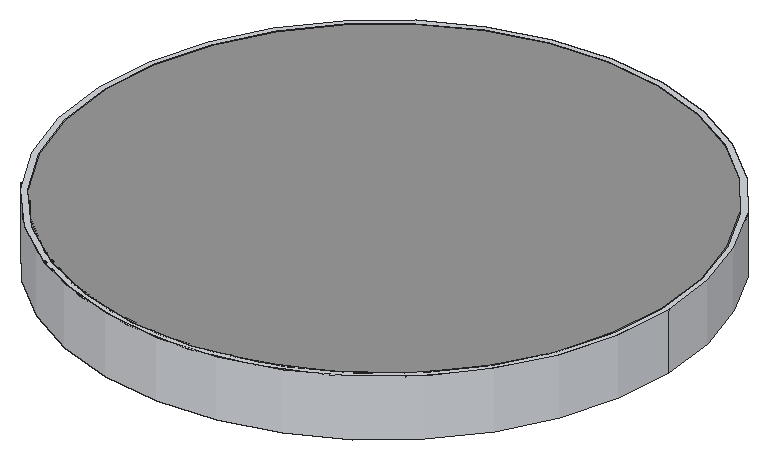
Revit family "2071206", category Lighting Fixtures, host Face, Revit 2018
Family settings
  Host = Face
  Round Connector Dimension = Use Diameter
  Part Type = Normal
  OmniClass Number = 23.80.70.00
  OmniClass Title = Lighting
  Cut with Voids When Loaded = No
  Light Source = Yes
  Shared = No
  Room Calculation Point = No
Parameters (values of type "2071206 COLOSSAL 600 830 PR DIR+H WHT DALI EM")
  iner diameter = 588 mm
  Weight = "n/a"
  Wattage Comments = ""
  Wattage = 30 W
  WarrantyStartDate [instance] = "n/a"
  WarrantyGuarantorParts = "n/a"
  WarrantyDurationUnit = "n/a"
  WarrantyDurationParts = ""
  WarrantyDescription = "http://www.sylvania-lighting.com"
  built-in parameter 1150110 = 1 (stored number, unit not read)
  Voltage = 230 V
  URL = "0.99"
  TypeName = "COLOSSAL 600mm 830 PRISM DIR+HAL WHITE DALI EM"
  Type Image = <None>
  Type Comments = "n/a"
  built-in parameter 1114217 = 1 (stored number, unit not read)
  Tilt Angle = -90.00°
  built-in parameter 1150109 = 1 (stored number, unit not read)
  built-in parameter 1150134 = (empty or 0)
  built-in parameter 1150113 = 1 (stored number, unit not read)
  SerialNumber [instance] = "n/a"
  Photometric Web File = "2071206.ies"
  Material_3_SYL = LED-Sylvania
  PowerFactor = 0
  PowerConsumption = "Lighting"
  NominalLength = 600 mm
  NominalHeight = 93 mm
  NominalDepth = 600 mm
  Name = "COLOSSAL 600mm 830 PRISM DIR+HAL WHITE DALI EM"
  ModelReference = Name  # "COLOSSAL 600mm 830 PRISM DIR+HAL WHITE DALI EM"
  ModelNumber = "2071206"
  Model = Name  # "COLOSSAL 600mm 830 PRISM DIR+HAL WHITE DALI EM"
  Material = "Feilo Sylvania"
  ManufacturerName = "121 lm/W"
  Manufacturer = ""
  LuminousEfficacy = ""
  built-in parameter 1150105 = 270.44 (stored number, unit not read)
  Lumens = 3398.4 lm
  LuminaireType = "0"
  built-in parameter 1150115 = 1 (stored number, unit not read)
  LightOutputRatio = "LED"
  built-in parameter 1150137 = (empty or 0)
  built-in parameter 1150139 = (empty or 0)
  LampsType = Lamp  # "n/a"
  LampNominalLuminous = "3000 K"
  LampMacAdamStep = "80"
  LampColourTemperature = "LED"
  LampColourRenderingIndex = "16500"
  built-in parameter 1150112 = 1 (stored number, unit not read)
  built-in parameter 1150114 = 1 (stored number, unit not read)
  Lamp = "n/a"
  Keynote = "n/a"
  InstallationDate [instance] = "n/a"
  InputVoltage = "0"
  InputNominalFrequency = "3000"
  built-in parameter 1150132 = (empty or 0)
  built-in parameter 1150102 = (empty or 0)
  built-in parameter 1150107 = 3000 (stored number, unit not read)
  built-in parameter 1150138 = (empty or 0)
  IngressProtection = "IfcLightFixtureType"
  ImpactProtectionIndex = "IfcLightFixtureType"
  built-in parameter 1150106 = 2.7044 (stored number, unit not read)
  IfcExportType = "IfcLightFixtureType"
  IfcExportAs = "Class I"
  Emit from Circle Diameter = 385 mm
  Emit Shape Visible in Rendering = no
  ElectricShockClassification = "121"
  built-in parameter 1150104 = 10.524 (stored number, unit not read)
  DocumentationLiterature = "http://www.sylvania-lighting.com/product/en-int/products/2071206"
  DimmingControlOptions = "n/a"
  Material_2_SYL = Polycarbonate_Sylvania_White
  Dimming Lamp Color Temperature Shift = <None>
  Description = "600mm diameter circular architectural luminaire, can be surface mounted or suspended. Powder coated aluminium housing (RAL9016) with PMMA prismatic diffuser. Direct/indirect (halo) light distribution, 3900lm luminuous flux, 32.1W system power, 121lm/W luminiaire efficacy. DALI dimmable. 3 hours integrated emergency. Colour rendering index Ra >80, 3000K Warm White LED, chromaticity tolerance of 3-step MacAdam ellipse. IP40, IK03. 350mA drive current. UGR≤19. Electrical protection Class1, 220-240V. Reported lifetime 66k hours L90B10."
  Default Elevation = 1219.2 mm
  CreatedOn = "23/03/2022"
  CreatedBy = "@sylvania-lighting.com"
  Cost = 0
  Color Filter = 16777215
  built-in parameter 1114216 [instance] = (empty or 0)
  ClassificationValue = "EF_70_80"
  ClassificationName = "Uniclass2015"
  Material_1_SYL = Polycarbonate_Sylvania_Opal
  BarCode [instance] = "n/a"
  built-in parameter 1114218 = 1 (stored number, unit not read)
  built-in parameter 1150133 = 10 (stored number, unit not read)
  AssetType = "Fixed"
  AssetIdentifier [instance] = "n/a"
  Assembly Code = "D5020200"
  Apparent Load = 32.1 VA
  Material_4_SYL = none
Reference planes
  plane 1 "Center (Front/Back)": y = 0
  plane 2: z = 0
  plane 3 "Center (Left/Right)": x = 0
  plane 4: x = -300
  plane 5: x = 300
  plane 6: y = 300
  plane 7: y = -300
  plane 8: y = 212
  plane 9: y = -212
  plane 10: z = 93
  plane 11: y = 294
  plane 12: y = -294
  plane 13: through (0, 0, 1219.2) normal (0.5, -0.866, 0)
  plane 14: through (-134.29, 20.617, 1219.2) normal (0.5, -0.866, 0)
  plane 15: through (-144.685, -181.683, 1219.2) normal (-0.5, 0.866, 0)
  plane 16: through (0, 0, 1219.2) normal (0.5, 0.866, 0)
  plane 17: through (178.555, -4.939, 1219.2) normal (0.5, 0.866, 0)
  plane 18: through (87.581, -148.715, 1219.2) normal (0.5, 0.866, 0)
  plane 19: y = 272
  plane 20: through (105.168, 227.067, 1219.2) normal (0.866, 0.5, 0)
  plane 21: through (-104.171, 225.672, 1219.2) normal (0.8572, -0.515, 0)
  plane 22: y = -204.612
  plane 23: through (-296.643, -30.2, 1219.2) normal (0.866, 0.5, 0)
  plane 24: through (153.092, -278.837, 1219.2) normal (-0.866, 0.5, 0)
Forms (mm)
  Extrusion 1, solid, detail levels medium+fine
    sketch origin (0, 0, 0) x (1, 0, 0) y (0, 1, 0)
      loop
        circle (0, 0) r 300
    from 33.023 to 93
  Extrusion 2, void
    sketch origin (0, 0, 0) x (1, 0, 0) y (0, 1, 0)
      loop
        circle (0, 0) r 294
    from 93 to 37.292
  Extrusion 3, solid, material "Glass, White, High Luminance", detail levels fine
    sketch origin (0, 0, 0) x (1, 0, 0) y (0, 1, 0)
      loop
        circle (0, 0) r 294
    from 88.026 to 93
  Extrusion 4, solid, detail levels coarse
    sketch origin (0, 0, 0) x (1, 0, 0) y (0, 1, 0)
      loop
        line (-300, 300) -> (-300, -300) -> (300, -300) -> (300, 300) -> (-300, 300)
    from 0 to 93
  Blend 5, solid, detail levels medium+fine
    base sketch origin (0, 0, 0) x (1, 0, 0) y (0, 1, 0)
      loop
        line (-76.334, 272) -> (-277.665, -63.07) -> (-195.946, -204.612) -> (195.946, -204.612) -> (275.172, -67.388) -> (79.226, 272) -> (-76.334, 272)
    top sketch origin (0, 0, 0) x (1, 0, 0) y (0, 1, 0)
      loop
        line (-226.097, -32.388) -> (-141.097, -179.612) -> (141.097, -179.612) -> (226.097, -32.388) -> (85, 212) -> (-85, 212) -> (-226.097, -32.388)
    from 33.023 to 0
Cuts and joins
  Extrusion 2 cuts Extrusion 1
Lines and regions (mm)
  model lines
    curve 1: line (-85, 212, 0) -> (0, 212, 0)
    curve 2: line (0, 212, 0) -> (85, 212, 0)
Dimensions and locks
  "NominalDepth": plane 6 to plane 7
  "NominalLength": plane 4 to plane 5
  equal spacing: plane 4, plane 3 "Center (Left/Right)", plane 5
  "iner diameter": plane 11 to plane 12
  equal spacing: plane 11, plane 1 "Center (Front/Back)", plane 12
  equal spacing: plane 6, plane 1 "Center (Front/Back)", plane 7
  "NominalHeight": plane 10 to level
  radius of Extrusion 2 sketch curve = 294 mm
  aligned and locked: plane 2 to host face
  aligned and locked: level to host face
Automatic sketch dimensions
  host sketch curve to host sketch curve = 2438.4 mm  (x2)
  plane 1 "Center (Front/Back)" to Extrusion 1 sketch curve = 0 mm
  Extrusion 1 sketch curve to plane 3 "Center (Left/Right)" = 0 mm
  plane 1 "Center (Front/Back)" to Extrusion 2 sketch curve = 0 mm
  Extrusion 2 sketch curve to plane 3 "Center (Left/Right)" = 0 mm
  plane 1 "Center (Front/Back)" to Extrusion 3 sketch curve = 0 mm
  Extrusion 3 sketch curve to plane 3 "Center (Left/Right)" = 0 mm
  Extrusion 4 sketch curve to plane 4 = 0 mm
  Extrusion 4 sketch curve to plane 5 = 0 mm
  Extrusion 4 sketch curve to plane 7 = 0 mm
  Extrusion 4 sketch curve to plane 6 = 0 mm
  Blend 5 sketch curve to plane 8 = 0 mm
  Blend 5 sketch curve to plane 3 "Center (Left/Right)" = 85 mm
  plane 3 "Center (Left/Right)" to Blend 5 sketch curve = 85 mm
  plane 9 to Blend 5 sketch curve = 32.388 mm
  plane 3 "Center (Left/Right)" to Blend 5 sketch curve = 141.097 mm
  plane 1 "Center (Front/Back)" to Blend 5 sketch curve = 32.388 mm  (x2)
  Blend 5 sketch curve to plane 5 = 73.903 mm
  Blend 5 sketch curve to plane 3 "Center (Left/Right)" = 141.097 mm
  plane 4 to Blend 5 sketch curve = 73.903 mm
  curve 1 to plane 8 = 0 mm
  curve 2 to plane 3 "Center (Left/Right)" = 0 mm
  curve 1 to plane 3 "Center (Left/Right)" = 85 mm
  curve 1 to curve 2 = 85 mm
  Blend 5 sketch curve to plane 21 = 0 mm
  Blend 5 sketch curve to plane 23 = 0 mm  (x2)
  Blend 5 sketch curve to plane 22 = 0 mm
  Blend 5 sketch curve to plane 19 = 0 mm
  plane 21 to Blend 5 sketch curve = 0 mm
  Blend 5 sketch curve to plane 20 = 0 mm  (x2)
  Blend 5 sketch curve to plane 24 = 0 mm  (x2)
  radius of Extrusion 1 sketch curve = 300 mm
  radius of Extrusion 3 sketch curve = 294 mm
Connectors
  electrical at (0, 0, 0), driven by "Apparent Load", driven by "PowerFactor", driven by "Voltage"
    settings: index 1, voltage 230 V, apparent load 32.1 VA, apparent load phase1 0 VA, apparent load phase2 0 VA, apparent load phase3 0 VA, power factor 0, load classification "Lighting", number of poles 1, system type 30, power factor state 1, is connector primary yes, connector utility no, sub classification motor no, connector description ""
